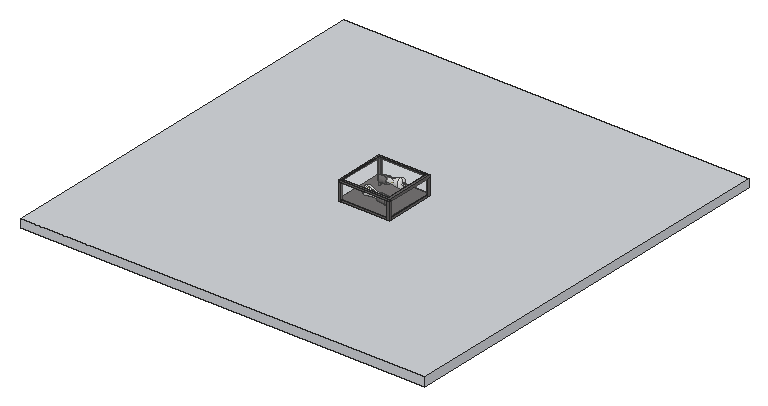
Revit family "P350200-031", category Lighting Fixtures, host Face, Revit 2021
Family settings
  Host = Face
  Round Connector Dimension = Use Diameter
  Part Type = Normal
  OmniClass Number = 23.80.70.11.14.17
  OmniClass Title = Direct/Indirect
  Cut with Voids When Loaded = No
  Light Source = No
  Shared = Yes
  Room Calculation Point = No
Parameters (values of type "P350200-031")
  Widh = 11.995"
  Watts = 60 W
  Wattage Comments = "60W"
  Warranty = "1 year Warranty"  # constant formula
  Voltage = 120 V
  URL = "https://www.hubbell.com/progresslighting/en"
  Product Link = "https://www.hubbell.com/progresslighting/en/Products/Lighting-Controls/Residential-Indoor-Lighting/Ceiling-Mount/Flush/Perimeter-Collection-Two-Light-Matte-Black-Modern-Style-Flush-Mount-Ceiling-Light/p/6643600"
  Product Documentation Link = "https://hubbellcdn.com/specsheet/PROG_P350200-031_spec.pdf"
  Power Factor = 1
  Model = "P350200-031"  # constant formula
  Manufacturer = "Progress Lighting"  # constant formula
  Load Classification = Lighting
  Gold = Hubbell - Gold
  Glass = Paint - Hubbell - White Texture
  Lamp = "LED/CFL/incandescent"  # constant formula
  Housing Material = Paint - Hubbell - Textured Camera Black
  Fixture distribution = "Direct"  # constant formula
  Features = "Application: Inspired by geometric simplicity, the Perimeter Collection 2-Light Matte Black Modern Flush Mount Ceiling Light is ideal for any hallway, porch, stairwell, entryway, kitchen, or sitting room.\r\nStyles: Perfect for contemporary, modern, and traditional style settings.\r\nFinish: The square frame composed of clean, straight lines is coated in a classic matte black finish.\r\nMaterials: Constructed from steel to ensure a long product lifespan.\r\nGlass/Shade: Light sources peek from inside the crisp open-frame design that accentuates the light fixture's modern aesthetic.\r\nBulbs: For ideal illumination, use 2 medium base bulbs that are sold separately (60w max - LED/CFL/incandescent). Compatible with dimmable bulbs.\r\nDimensions: Measures 12-inch width by 4-1/2-inch height.\r\nCertifications: cCSAus damp location listed.\r\nPairs With: Pairs with the Glayse, Rae, and Elevate collections from Progress Lighting.\r\nWarranty: Our 1-Year Limited Warranty guarantees your complete satisfaction with your purchase and includes professional after-sales customer service support."  # constant formula
  Description = "Perimeter Collection Two-Light Matte Black Modern Style Flush Mount Ceiling Light"  # constant formula
  Default Elevation = 48.00"
  Copyright = " ©2021 Progress Lighting, a division of Hubbell Lighting, Inc"  # constant formula
  Contact = "https://www.hubbell.com/progresslighting/en/contactUs"
  Connector Description = "Lighting Connector"  # constant formula
  Clear Glass = Hubbell Glass
  Assembly Code = "D5020200"
  Apparent Load = Watts / Power Factor  # 60 VA
Reference planes (in)
  plane 1 "Center (Front/Back)": y = 0
  plane 2: z = 0
  plane 3 "Center (Left/Right)": x = 0
  plane 4: x = 5.9975
  plane 5: x = -5.9975
  plane 6: z = 6.87
  plane 7: y = 6
  plane 8: y = -6
Forms (in)
  Extrusion 1, solid
    sketch origin (0, 0, 0) x (1, 0, 0) y (0, 1, 0)
      loop
        line (-48, 48) -> (-48, -48) -> (48, -48) -> (48, 48) -> (-48, 48)
    from 0 to -2
  Revolve 2, solid, material "Paint - Hubbell - Textured Camera Black" <- "Housing Material"
    sketch origin (8.67208, -2.95459, 1.2402) x (-0.121869, 0, -0.992546) y (0.992546, 0, -0.121869)
      loop
        line (0, -5.56085) -> (0, -7.43773) -> (0.75333, -7.43773) -> (0.75333, -5.56085) -> (0, -5.56085)
      axis (0, -7.43773) -> (0, -5.56085)
    angle from 0 to 360
  Revolve 3, solid, material "Paint - Hubbell - White Texture"
    sketch origin (8.67208, -2.95459, 1.2402) x (-0.121869, 0, -0.992546) y (0.992546, 0, -0.121869)
      loop
        line (0, -7.43773) -> (0, -11.02155)
        arc (0, -11.02155) -> (0.18273, -10.99366) -> (0.34766, -10.91018) r 0.5855
        spline (0.34766, -10.91018) -> (0.53446, -10.87489) -> (0.67434, -10.8488) -> (0.77721, -10.82791) -> (0.85298, -10.8082) -> (0.91153, -10.78565) -> (0.96093, -10.75695) -> (1.0034, -10.72098) -> (1.03996, -10.67706) -> (1.07161, -10.62447) -> (1.09635, -10.56016) -> (1.10709, -10.47705) -> (1.09627, -10.36772)
        line (1.09627, -10.36772) -> (0.52673, -7.43773) -> (0, -7.43773)
      axis (0, -11.02155) -> (0, -7.43773)
    angle from 0 to 360
  Revolve 4, solid, material "Paint - Hubbell - White Texture" <- "Glass"
    sketch origin (8.67208, -2.95459, 1.2402) x (-0.121869, 0, -0.992546) y (0.992546, 0, -0.121869)
      loop
        line (0, -7.43773) -> (-0.14062, -7.43773) -> (-0.14062, -7.68773) -> (-0.3174, -7.86451) -> (-0.3174, -8.11451) -> (-0.0674, -8.11451) -> (-0.0674, -10.36451) -> (-0.0674, -10.55091)
        arc (-0.0674, -10.55091) -> (-0.07712, -10.57767) -> (-0.10174, -10.59197) r 0.04171
        arc (-0.10174, -10.59197) -> (-0.13207, -10.62395) -> (-0.11058, -10.66244) r 0.0372
        line (-0.11058, -10.66244) -> (0, -10.66244) -> (0, -10.56087) -> (0, -7.43773)
      axis (0, -7.43773) -> (0, -10.66244)
    angle from 0 to 360
  Revolve 5, solid, material "Hubbell - Gold" <- "Gold"
    sketch origin (8.67208, -2.95459, 1.2402) x (-0.121869, 0, -0.992546) y (0.992546, 0, -0.121869)
      loop
        line (-0.47346, -8.28115) -> (-0.51834, -8.28115) -> (-0.66547, -10.3852) -> (-0.62059, -10.3852) -> (-0.47346, -8.28115)
      axis (-0.62081, -10.38832) -> (-0.47346, -8.28115)
    angle from 0 to 360
  Revolve 6, solid, material "Hubbell - Gold" <- "Gold"
    sketch origin (8.67208, -2.95459, 1.2402) x (0.121869, 0, 0.992546) y (-0.992546, 0, 0.121869)
      loop
        line (-0.47346, 8.28115) -> (-0.62235, 10.41041) -> (-0.66723, 10.41041) -> (-0.51834, 8.28115) -> (-0.47346, 8.28115)
      axis (-0.62257, 10.41353) -> (-0.47346, 8.28115)
    angle from 0 to 360
  Sweep 7, solid, material "Paint - Hubbell - White Texture" <- "Glass"
    path origin (9.16633, -2.95459, 1.16282) x (-0.121869, 0, -0.992546) y (0.992546, 0, -0.121869)
      loop
        line (0.61067, -10.88516) -> (0.61067, -10.98257)
        arc (0.61067, -10.98257) -> (0.57513, -11.06837) -> (0.48933, -11.10391) r 0.12134
        line (0.48933, -11.10391) -> (0.04812, -11.10391)
    profile origin (-1.76046, -2.95459, 1.8892) x (-0.121869, 0, -0.992546) y (0, -1, 0)
      loop
        circle (0, 0.00095) r 0.031
  Sweep 8, solid, material "Paint - Hubbell - White Texture" <- "Glass"
    path origin (9.17037, -2.95459, 1.19571) x (0.121869, 0, 0.992546) y (-0.992546, 0, 0.121869)
      loop
        line (0.61067, 10.88516) -> (0.61067, 10.98257)
        arc (0.61067, 10.98257) -> (0.57513, 11.06837) -> (0.48933, 11.10391) r 0.12134
        line (0.48933, 11.10391) -> (0.04812, 11.10391)
    profile origin (-1.60758, -2.95459, 3.13434) x (-0.121869, 0, -0.992546) y (0, -1, 0)
      loop
        circle (0, 0.00095) r 0.031
  Sweep 9, solid, material "Paint - Hubbell - White Texture" <- "Glass"
    path origin (9.16823, -2.97211, 1.17832) x (0, -1, 0) y (0.992546, 0, -0.121869)
      loop
        line (0.61067, -10.88516) -> (0.61067, -10.98257)
        arc (0.61067, -10.98257) -> (0.57513, -11.06837) -> (0.48933, -11.10391) r 0.12134
        line (0.48933, -11.10391) -> (0.04812, -11.10391)
    profile origin (-1.68413, -3.58278, 2.51083) x (0, -1, 0) y (0.121869, 0, 0.992546)
      loop
        circle (0, 0.00095) r 0.031
  Sweep 10, solid, material "Paint - Hubbell - White Texture" <- "Glass"
    path origin (9.16823, -2.93897, 1.17832) x (0, 1, 0) y (-0.992546, 0, 0.121869)
      loop
        line (0.61067, 10.88516) -> (0.61067, 10.98257)
        arc (0.61067, 10.98257) -> (0.57513, 11.06837) -> (0.48933, 11.10391) r 0.12134
        line (0.48933, 11.10391) -> (0.04812, 11.10391)
    profile origin (-1.68413, -2.3283, 2.51083) x (0, -1, 0) y (0.121869, 0, 0.992546)
      loop
        circle (0, 0.00095) r 0.031
  Sweep 11, solid, material "Paint - Hubbell - White Texture" <- "Glass"
    path origin (-10.42083, -2.95459, 3.56782) x (-0.121869, 0, -0.992546) y (0.992546, 0, -0.121869)
      loop
        line (0.45442, 10.88516) -> (0.45442, 10.98257)
        arc (0.45442, 10.98257) -> (0.41888, 11.06837) -> (0.33308, 11.10391) r 0.12134
        line (0.33308, 11.10391) -> (0.04812, 11.10391)
    profile origin (0.37616, -2.95459, 1.78428) x (0.121869, 0, 0.992546) y (0, -1, 0)
      loop
        circle (0, 0.00095) r 0.031
  Sweep 12, solid, material "Paint - Hubbell - White Texture" <- "Glass"
    path origin (-10.41679, -2.95459, 3.60071) x (0.121869, 0, 0.992546) y (-0.992546, 0, 0.121869)
      loop
        line (0.45442, -10.88516) -> (0.45442, -10.98257)
        arc (0.45442, -10.98257) -> (0.41888, -11.06837) -> (0.33308, -11.10391) r 0.12134
        line (0.33308, -11.10391) -> (0.04812, -11.10391)
    profile origin (0.49096, -2.95459, 2.71924) x (0.121869, 0, 0.992546) y (0, -1, 0)
      loop
        circle (0, 0.00095) r 0.031
  Sweep 13, solid, material "Paint - Hubbell - White Texture" <- "Glass"
    path origin (-10.41892, -2.97211, 3.58332) x (0, -1, 0) y (0.992546, 0, -0.121869)
      loop
        line (0.45442, 10.88516) -> (0.45442, 10.98257)
        arc (0.45442, 10.98257) -> (0.41888, 11.06837) -> (0.33308, 11.10391) r 0.12134
        line (0.33308, 11.10391) -> (0.04812, 11.10391)
    profile origin (0.43344, -3.42653, 2.25082) x (0, 1, 0) y (0.121869, 0, 0.992546)
      loop
        circle (0, 0.00095) r 0.031
  Sweep 14, solid, material "Paint - Hubbell - White Texture" <- "Glass"
    path origin (-10.41892, -2.93897, 3.58332) x (0, 1, 0) y (-0.992546, 0, 0.121869)
      loop
        line (0.45442, -10.88516) -> (0.45442, -10.98257)
        arc (0.45442, -10.98257) -> (0.41888, -11.06837) -> (0.33308, -11.10391) r 0.12134
        line (0.33308, -11.10391) -> (0.04812, -11.10391)
    profile origin (0.43344, -2.48455, 2.25082) x (0, 1, 0) y (0.121869, 0, 0.992546)
      loop
        circle (0, 0.00095) r 0.031
  Revolve 15, solid, material "Hubbell - Gold" <- "Gold"
    sketch origin (8.67183, -2.95262, 1.23824) x (0, -1, 0) y (0.992546, 0, -0.121869)
      loop
        line (-0.47346, -8.28115) -> (-0.51834, -8.28115) -> (-0.66489, -10.37691) -> (-0.62001, -10.37691) -> (-0.47346, -8.28115)
      axis (-0.62023, -10.38004) -> (-0.47346, -8.28115)
    angle from 0 to 360
  Revolve 16, solid, material "Hubbell - Gold" <- "Gold"
    sketch origin (8.67183, -2.95262, 1.23824) x (0, 1, 0) y (-0.992546, 0, 0.121869)
      loop
        line (-0.47346, 8.28115) -> (-0.62235, 10.41041) -> (-0.66723, 10.41041) -> (-0.51834, 8.28115) -> (-0.47346, 8.28115)
      axis (-0.62257, 10.41353) -> (-0.47346, 8.28115)
    angle from 0 to 360
  Extrusion 17, solid, material "Paint - Hubbell - Textured Camera Black" <- "Housing Material"
    sketch origin (0, 0, 0) x (1, 0, 0) y (0, 1, 0)
      loop
        line (-5.9975, -6) -> (5.9975, -6) -> (5.9975, 6) -> (-5.9975, 6) -> (-5.9975, -6)
    from 0 to 0.5
  Revolve 18, solid, material "Paint - Hubbell - Textured Camera Black" <- "Housing Material"
    sketch origin (1.3125, -2.95459, 0) x (1, 0, 0) y (0, 0, 1)
      loop
        line (2.10768, 0.5) -> (2.2634, 0.5) -> (2.2634, 1.51322)
        arc (2.2634, 1.51322) -> (2.41401, 1.80947) -> (2.10768, 1.93834) r 0.22696
        line (2.10768, 1.93834) -> (2.10768, 0.5)
      axis (2.10715, 1.93834) -> (2.10715, 0.5)
    angle from 0 to 360
  Extrusion 19, solid, material "Paint - Hubbell - Textured Camera Black" <- "Housing Material"
    sketch origin (0, 0, 0) x (1, 0, 0) y (0, 1, 0)
      loop
        line (-5.9975, 6) -> (-5.9975, 5.43609) -> (-5.93079, 5.43609) -> (-5.93079, 5.48306) -> (-5.93079, 5.93609) -> (-5.43079, 5.93609) -> (-5.43079, 6) -> (-5.9975, 6)
      loop
        line (5.9975, 6) -> (5.43079, 6) -> (5.43079, 5.93609) -> (5.93079, 5.93609) -> (5.93079, 5.48306) -> (5.93079, 5.43609) -> (5.9975, 5.43609) -> (5.9975, 6)
      loop
        line (-5.9975, -6) -> (-5.43079, -6) -> (-5.43079, -5.93609) -> (-5.93079, -5.93609) -> (-5.93079, -5.48306) -> (-5.93079, -5.43609) -> (-5.9975, -5.43609) -> (-5.9975, -6)
      loop
        line (5.9975, -6) -> (5.9975, -5.43609) -> (5.93079, -5.43609) -> (5.93079, -5.48306) -> (5.93079, -5.93609) -> (5.43079, -5.93609) -> (5.43079, -6) -> (5.9975, -6)
    from 0 to 4
  Sweep 20, solid, material "Paint - Hubbell - Textured Camera Black" <- "Housing Material"
    path origin (0, 0, 0) x (1, 0, 0) y (0, 1, 0)
      loop
        line (-5.9975, 6) -> (-5.9975, -6) -> (5.9975, -6) -> (5.9975, 6) -> (-5.9975, 6)
    profile origin (0, 6, 0) x (0, 1, 0) y (0, 0, 1)
      loop
        line (0, 4.5) -> (-0.56391, 4.5) -> (-0.56391, 4.45125) -> (-0.06391, 4.45125) -> (-0.06391, 4) -> (0, 4) -> (0, 4.5)
  Revolve 21, solid, material "Paint - Hubbell - Textured Camera Black" <- "Housing Material"
    sketch origin (-8.67208, 2.95459, 1.2402) x (0.121869, 0, -0.992546) y (-0.992546, 0, -0.121869)
      loop
        line (0, -5.56085) -> (0, -7.43773) -> (0.75333, -7.43773) -> (0.75333, -5.56085) -> (0, -5.56085)
      axis (0, -7.43773) -> (0, -5.56085)
    angle from 0 to 360
  Revolve 22, solid, material "Paint - Hubbell - White Texture"
    sketch origin (-8.67208, 2.95459, 1.2402) x (0.121869, 0, -0.992546) y (-0.992546, 0, -0.121869)
      loop
        line (0, -7.43773) -> (0, -11.02155)
        arc (0, -11.02155) -> (0.18273, -10.99366) -> (0.34766, -10.91018) r 0.5855
        spline (0.34766, -10.91018) -> (0.53446, -10.87489) -> (0.67434, -10.8488) -> (0.77721, -10.82791) -> (0.85298, -10.8082) -> (0.91153, -10.78565) -> (0.96093, -10.75695) -> (1.0034, -10.72098) -> (1.03996, -10.67706) -> (1.07161, -10.62447) -> (1.09635, -10.56016) -> (1.10709, -10.47705) -> (1.09627, -10.36772)
        line (1.09627, -10.36772) -> (0.52673, -7.43773) -> (0, -7.43773)
      axis (0, -11.02155) -> (0, -7.43773)
    angle from 0 to 360
  Revolve 23, solid, material "Paint - Hubbell - White Texture" <- "Glass"
    sketch origin (-8.67208, 2.95459, 1.2402) x (0.121869, 0, -0.992546) y (-0.992546, 0, -0.121869)
      loop
        line (0, -7.43773) -> (-0.14062, -7.43773) -> (-0.14062, -7.68773) -> (-0.3174, -7.86451) -> (-0.3174, -8.11451) -> (-0.0674, -8.11451) -> (-0.0674, -10.36451) -> (-0.0674, -10.55091)
        arc (-0.0674, -10.55091) -> (-0.07712, -10.57767) -> (-0.10174, -10.59197) r 0.04171
        arc (-0.10174, -10.59197) -> (-0.13207, -10.62395) -> (-0.11058, -10.66244) r 0.0372
        line (-0.11058, -10.66244) -> (0, -10.66244) -> (0, -10.56087) -> (0, -7.43773)
      axis (0, -7.43773) -> (0, -10.66244)
    angle from 0 to 360
  Revolve 24, solid, material "Hubbell - Gold" <- "Gold"
    sketch origin (-8.67208, 2.95459, 1.2402) x (0.121869, 0, -0.992546) y (-0.992546, 0, -0.121869)
      loop
        line (-0.47346, -8.28115) -> (-0.51834, -8.28115) -> (-0.66547, -10.3852) -> (-0.62059, -10.3852) -> (-0.47346, -8.28115)
      axis (-0.62081, -10.38832) -> (-0.47346, -8.28115)
    angle from 0 to 360
  Revolve 25, solid, material "Hubbell - Gold" <- "Gold"
    sketch origin (-8.67208, 2.95459, 1.2402) x (-0.121869, 0, 0.992546) y (0.992546, 0, 0.121869)
      loop
        line (-0.47346, 8.28115) -> (-0.62235, 10.41041) -> (-0.66723, 10.41041) -> (-0.51834, 8.28115) -> (-0.47346, 8.28115)
      axis (-0.62257, 10.41353) -> (-0.47346, 8.28115)
    angle from 0 to 360
  Sweep 26, solid, material "Paint - Hubbell - White Texture" <- "Glass"
    path origin (-9.16633, 2.95459, 1.16282) x (0.121869, 0, -0.992546) y (-0.992546, 0, -0.121869)
      loop
        line (0.61067, -10.88516) -> (0.61067, -10.98257)
        arc (0.61067, -10.98257) -> (0.57513, -11.06837) -> (0.48933, -11.10391) r 0.12134
        line (0.48933, -11.10391) -> (0.04812, -11.10391)
    profile origin (1.76046, 2.95459, 1.8892) x (0.121869, 0, -0.992546) y (0, 1, 0)
      loop
        circle (0, 0.00095) r 0.031
  Sweep 27, solid, material "Paint - Hubbell - White Texture" <- "Glass"
    path origin (-9.17037, 2.95459, 1.19571) x (-0.121869, 0, 0.992546) y (0.992546, 0, 0.121869)
      loop
        line (0.61067, 10.88516) -> (0.61067, 10.98257)
        arc (0.61067, 10.98257) -> (0.57513, 11.06837) -> (0.48933, 11.10391) r 0.12134
        line (0.48933, 11.10391) -> (0.04812, 11.10391)
    profile origin (1.60758, 2.95459, 3.13434) x (0.121869, 0, -0.992546) y (0, 1, 0)
      loop
        circle (0, 0.00095) r 0.031
  Sweep 28, solid, material "Paint - Hubbell - White Texture" <- "Glass"
    path origin (-9.16823, 2.97211, 1.17832) x (0, 1, 0) y (-0.992546, 0, -0.121869)
      loop
        line (0.61067, -10.88516) -> (0.61067, -10.98257)
        arc (0.61067, -10.98257) -> (0.57513, -11.06837) -> (0.48933, -11.10391) r 0.12134
        line (0.48933, -11.10391) -> (0.04812, -11.10391)
    profile origin (1.68413, 3.58278, 2.51083) x (0, 1, 0) y (-0.121869, 0, 0.992546)
      loop
        circle (0, 0.00095) r 0.031
  Sweep 29, solid, material "Paint - Hubbell - White Texture" <- "Glass"
    path origin (-9.16823, 2.93897, 1.17832) x (0, -1, 0) y (0.992546, 0, 0.121869)
      loop
        line (0.61067, 10.88516) -> (0.61067, 10.98257)
        arc (0.61067, 10.98257) -> (0.57513, 11.06837) -> (0.48933, 11.10391) r 0.12134
        line (0.48933, 11.10391) -> (0.04812, 11.10391)
    profile origin (1.68413, 2.3283, 2.51083) x (0, 1, 0) y (-0.121869, 0, 0.992546)
      loop
        circle (0, 0.00095) r 0.031
  Sweep 30, solid, material "Paint - Hubbell - White Texture" <- "Glass"
    path origin (10.42083, 2.95459, 3.56782) x (0.121869, 0, -0.992546) y (-0.992546, 0, -0.121869)
      loop
        line (0.45442, 10.88516) -> (0.45442, 10.98257)
        arc (0.45442, 10.98257) -> (0.41888, 11.06837) -> (0.33308, 11.10391) r 0.12134
        line (0.33308, 11.10391) -> (0.04812, 11.10391)
    profile origin (-0.37616, 2.95459, 1.78428) x (-0.121869, 0, 0.992546) y (0, 1, 0)
      loop
        circle (0, 0.00095) r 0.031
  Sweep 31, solid, material "Paint - Hubbell - White Texture" <- "Glass"
    path origin (10.41679, 2.95459, 3.60071) x (-0.121869, 0, 0.992546) y (0.992546, 0, 0.121869)
      loop
        line (0.45442, -10.88516) -> (0.45442, -10.98257)
        arc (0.45442, -10.98257) -> (0.41888, -11.06837) -> (0.33308, -11.10391) r 0.12134
        line (0.33308, -11.10391) -> (0.04812, -11.10391)
    profile origin (-0.49096, 2.95459, 2.71924) x (-0.121869, 0, 0.992546) y (0, 1, 0)
      loop
        circle (0, 0.00095) r 0.031
  Sweep 32, solid, material "Paint - Hubbell - White Texture" <- "Glass"
    path origin (10.41892, 2.97211, 3.58332) x (0, 1, 0) y (-0.992546, 0, -0.121869)
      loop
        line (0.45442, 10.88516) -> (0.45442, 10.98257)
        arc (0.45442, 10.98257) -> (0.41888, 11.06837) -> (0.33308, 11.10391) r 0.12134
        line (0.33308, 11.10391) -> (0.04812, 11.10391)
    profile origin (-0.43344, 3.42653, 2.25082) x (0, -1, 0) y (-0.121869, 0, 0.992546)
      loop
        circle (0, 0.00095) r 0.031
  Sweep 33, solid, material "Paint - Hubbell - White Texture" <- "Glass"
    path origin (10.41892, 2.93897, 3.58332) x (0, -1, 0) y (0.992546, 0, 0.121869)
      loop
        line (0.45442, -10.88516) -> (0.45442, -10.98257)
        arc (0.45442, -10.98257) -> (0.41888, -11.06837) -> (0.33308, -11.10391) r 0.12134
        line (0.33308, -11.10391) -> (0.04812, -11.10391)
    profile origin (-0.43344, 2.48455, 2.25082) x (0, -1, 0) y (-0.121869, 0, 0.992546)
      loop
        circle (0, 0.00095) r 0.031
  Revolve 34, solid, material "Hubbell - Gold" <- "Gold"
    sketch origin (-8.67183, 2.95262, 1.23824) x (0, 1, 0) y (-0.992546, 0, -0.121869)
      loop
        line (-0.47346, -8.28115) -> (-0.51834, -8.28115) -> (-0.66489, -10.37691) -> (-0.62001, -10.37691) -> (-0.47346, -8.28115)
      axis (-0.62023, -10.38004) -> (-0.47346, -8.28115)
    angle from 0 to 360
  Revolve 35, solid, material "Hubbell - Gold" <- "Gold"
    sketch origin (-8.67183, 2.95262, 1.23824) x (0, -1, 0) y (0.992546, 0, 0.121869)
      loop
        line (-0.47346, 8.28115) -> (-0.62235, 10.41041) -> (-0.66723, 10.41041) -> (-0.51834, 8.28115) -> (-0.47346, 8.28115)
      axis (-0.62257, 10.41353) -> (-0.47346, 8.28115)
    angle from 0 to 360
  Revolve 36, solid, material "Paint - Hubbell - Textured Camera Black" <- "Housing Material"
    sketch origin (-1.3125, 2.95459, 0) x (-1, 0, 0) y (0, 0, 1)
      loop
        line (2.10768, 0.5) -> (2.2634, 0.5) -> (2.2634, 1.51322)
        arc (2.2634, 1.51322) -> (2.41401, 1.80947) -> (2.10768, 1.93834) r 0.22696
        line (2.10768, 1.93834) -> (2.10768, 0.5)
      axis (2.10715, 1.93834) -> (2.10715, 0.5)
    angle from 0 to 360
  Extrusion 37, solid, material "Hubbell Glass" <- "Clear Glass"
    sketch origin (0, 0, 0) x (1, 0, 0) y (0, 1, 0)
      loop
        line (-5.43359, -5.43609) -> (5.43359, -5.43609) -> (5.43359, 5.43609) -> (-5.43359, 5.43609) -> (-5.43359, -5.43609)
    from 4.45125 to 4.5
  Extrusion 38, solid, material "Hubbell Glass" <- "Clear Glass"
    sketch origin (0, 0, 0) x (0, 1, 0) y (0, 0, 1)
      loop
        line (-5.43609, 0.5) -> (5.43609, 0.5) -> (5.43609, 4) -> (-5.43609, 4) -> (-5.43609, 0.5)
    from 5.93079 to 5.9975
  Extrusion 39, solid, material "Hubbell Glass" <- "Clear Glass"
    sketch origin (0, 0, 0) x (0, 1, 0) y (0, 0, -1)
      loop
        line (-5.43609, -0.5) -> (-5.43609, -4) -> (5.43609, -4) -> (5.43609, -0.5) -> (-5.43609, -0.5)
    from 5.93079 to 5.9975
  Extrusion 40, solid, material "Hubbell Glass" <- "Clear Glass"
    sketch origin (0, 0, 0) x (1, 0, 0) y (0, 0, -1)
      loop
        line (-5.43609, -0.5) -> (-5.43609, -4) -> (5.43609, -4) -> (5.43609, -0.5) -> (-5.43609, -0.5)
    from 5.93079 to 5.9975
  Extrusion 41, solid, material "Hubbell Glass" <- "Clear Glass"
    sketch origin (0, 0, 0) x (1, 0, 0) y (0, 0, 1)
      loop
        line (-5.43609, 0.5) -> (5.43609, 0.5) -> (5.43609, 4) -> (-5.43609, 4) -> (-5.43609, 0.5)
    from 5.93079 to 5.9975
Dimensions and locks (in)
  plane 4 to plane 5 = 11.995"  (x2)
  equal spacing: plane 4, plane 3 "Center (Left/Right)", plane 5
  "Widh": plane 5 to plane 4
  equal spacing: plane 5, plane 3 "Center (Left/Right)", plane 4
  plane 6 to plane 2 = 6.87"
  aligned and locked: plane 2 to Extrusion 1
Automatic sketch dimensions
  Extrusion 1 sketch curve to Extrusion 1 sketch curve = 96.00"  (x2)
  level to Revolve 2 sketch curve = 1.9179"
  Revolve 2 sketch curve to plane 4 = 2.84482"
  Revolve 2 sketch curve to Revolve 2 sketch curve = 0.75333"
  Revolve 2 sketch curve to Revolve 2 sketch curve = 1.87689"
  Revolve 2 sketch curve to Revolve 2 sketch curve = 0.00"
  Revolve 2 sketch curve to Revolve 2 sketch curve = 20.20644"
  Revolve 2 sketch curve to Revolve 2 sketch curve = 29.56085"
  level to Revolve 3 sketch curve = 2.14663"
  plane 3 "Center (Left/Right)" to Revolve 3 sketch curve = 1.28978"
  Revolve 3 sketch curve to Revolve 3 sketch curve = 0.00411"
  Revolve 3 sketch curve to Revolve 3 sketch curve = 0.34766"
  Revolve 3 sketch curve to Revolve 3 sketch curve = 0.52673"
  Revolve 3 sketch curve to Revolve 3 sketch curve = 0.74861"
  Revolve 3 sketch curve to Revolve 3 sketch curve = 2.92999"
  Revolve 3 sketch curve to Revolve 3 sketch curve = 0.06835"
  Revolve 3 sketch curve to Revolve 3 sketch curve = 0.47411"
  Revolve 3 sketch curve to Revolve 3 sketch curve = 0.00"
  Revolve 3 sketch curve to Revolve 3 sketch curve = 16.62262"
  Revolve 3 sketch curve to Revolve 3 sketch curve = 31.43773"
  plane 3 "Center (Left/Right)" to Revolve 4 sketch curve = 0.65673"
  level to Revolve 4 sketch curve = 2.54415"
  Revolve 4 sketch curve to Revolve 4 sketch curve = 0.17678"  (x2)
  Revolve 4 sketch curve to Revolve 4 sketch curve = 0.20683"
  Revolve 4 sketch curve to Revolve 4 sketch curve = 0.00146"
  Revolve 4 sketch curve to Revolve 4 sketch curve = 0.01542"
  Revolve 4 sketch curve to Revolve 4 sketch curve = 0.25"  (x3)
  Revolve 4 sketch curve to Revolve 4 sketch curve = 0.09516"
  Revolve 4 sketch curve to Revolve 4 sketch curve = 2.25"
  Revolve 4 sketch curve to Revolve 4 sketch curve = 0.1864"
  Revolve 4 sketch curve to Revolve 4 sketch curve = 0.00996"
  Revolve 4 sketch curve to Revolve 4 sketch curve = 0.07767"
  Revolve 4 sketch curve to Revolve 4 sketch curve = 0.03385"
  Revolve 4 sketch curve to Revolve 4 sketch curve = 0.00"  (x2)
  Revolve 4 sketch curve to Revolve 4 sketch curve = 5.5253"
  Revolve 5 sketch curve to plane 3 "Center (Left/Right)" = 1.55461"
  level to Revolve 5 sketch curve = 3.16635"
  Revolve 5 sketch curve to Revolve 5 sketch curve = 0.04488"  (x2)
  Revolve 5 sketch curve to Revolve 5 sketch curve = 0.10225"
  Revolve 5 sketch curve to Revolve 5 sketch curve = 2.10405"
  Revolve 5 sketch curve to Revolve 5 sketch curve = 0.01036"
  Revolve 5 sketch curve to Revolve 5 sketch curve = 0.00483"
  Revolve 5 sketch curve to Revolve 5 sketch curve = 0.49372"
  Revolve 5 sketch curve to Revolve 5 sketch curve = 0.06901"
  Revolve 6 sketch curve to plane 3 "Center (Left/Right)" = 1.74205"
  level to Revolve 6 sketch curve = 1.84665"
  Revolve 6 sketch curve to Revolve 6 sketch curve = 0.04488"  (x2)
  Revolve 6 sketch curve to Revolve 6 sketch curve = 0.10401"
  Revolve 6 sketch curve to Revolve 6 sketch curve = 2.12926"
  Revolve 6 sketch curve to Revolve 6 sketch curve = 0.01212"
  Revolve 6 sketch curve to Revolve 6 sketch curve = 0.00483"
  Revolve 6 sketch curve to Revolve 6 sketch curve = 0.06901"
  Revolve 6 sketch curve to Revolve 6 sketch curve = 0.46851"
  Sweep 7 sketch curve to plane 3 "Center (Left/Right)" = 1.91445"
  level to Sweep 7 sketch curve = 2.03036"
  Sweep 7 sketch curve to Sweep 7 sketch curve = 0.12134"
  Sweep 7 sketch curve to Sweep 7 sketch curve = 0.4412"
  Sweep 7 sketch curve to Sweep 7 sketch curve = 0.09741"
  Sweep 7 sketch curve to profile plane = 0.00"
  profile plane to Sweep 7 sketch curve = 0.00095"
  Sweep 8 sketch curve to plane 3 "Center (Left/Right)" = 1.79115"
  level to Sweep 8 sketch curve = 3.03462"
  Sweep 8 sketch curve to Sweep 8 sketch curve = 0.12134"
  Sweep 8 sketch curve to Sweep 8 sketch curve = 0.4412"
  Sweep 8 sketch curve to Sweep 8 sketch curve = 0.09741"
  Sweep 8 sketch curve to profile plane = 0.00"
  profile plane to Sweep 8 sketch curve = 0.00095"
  Sweep 9 sketch curve to plane 8 = 2.53856"
  Sweep 9 sketch curve to Sweep 9 sketch curve = 0.12134"
  Sweep 9 sketch curve to Sweep 9 sketch curve = 0.4412"
  Sweep 9 sketch curve to Sweep 9 sketch curve = 0.09741"
  Sweep 9 sketch curve to profile plane = 0.00"
  profile plane to Sweep 9 sketch curve = 0.00095"
  plane 1 "Center (Front/Back)" to Sweep 10 sketch curve = 2.44964"
  Sweep 10 sketch curve to Sweep 10 sketch curve = 0.12134"
  Sweep 10 sketch curve to Sweep 10 sketch curve = 0.4412"
  Sweep 10 sketch curve to Sweep 10 sketch curve = 0.09741"
  Sweep 10 sketch curve to profile plane = 0.00"
  profile plane to Sweep 10 sketch curve = 0.00095"
  plane 3 "Center (Left/Right)" to Sweep 11 sketch curve = 0.55973"
  level to Sweep 11 sketch curve = 1.884"
  Sweep 11 sketch curve to Sweep 11 sketch curve = 0.12134"
  Sweep 11 sketch curve to Sweep 11 sketch curve = 0.28495"
  Sweep 11 sketch curve to Sweep 11 sketch curve = 0.09741"
  Sweep 11 sketch curve to profile plane = 0.00"
  profile plane to Sweep 11 sketch curve = 0.00095"
  plane 3 "Center (Left/Right)" to Sweep 12 sketch curve = 0.64495"
  level to Sweep 12 sketch curve = 2.57808"
  Sweep 12 sketch curve to Sweep 12 sketch curve = 0.12134"
  Sweep 12 sketch curve to Sweep 12 sketch curve = 0.28495"
  Sweep 12 sketch curve to Sweep 12 sketch curve = 0.09741"
  Sweep 12 sketch curve to profile plane = 0.00"
  profile plane to Sweep 12 sketch curve = 0.00095"
  Sweep 13 sketch curve to plane 8 = 2.69481"
  Sweep 13 sketch curve to Sweep 13 sketch curve = 0.12134"
  Sweep 13 sketch curve to Sweep 13 sketch curve = 0.28495"
  Sweep 13 sketch curve to Sweep 13 sketch curve = 0.09741"
  Sweep 13 sketch curve to profile plane = 0.00"
  profile plane to Sweep 13 sketch curve = 0.00095"
  plane 1 "Center (Front/Back)" to Sweep 14 sketch curve = 2.60589"
  Sweep 14 sketch curve to Sweep 14 sketch curve = 0.12134"
  Sweep 14 sketch curve to Sweep 14 sketch curve = 0.28495"
  Sweep 14 sketch curve to Sweep 14 sketch curve = 0.09741"
  Sweep 14 sketch curve to profile plane = 0.00"
  profile plane to Sweep 14 sketch curve = 0.00095"
  plane 1 "Center (Front/Back)" to Revolve 15 sketch curve = 2.28773"
  Revolve 15 sketch curve to Revolve 15 sketch curve = 0.04488"  (x2)
  Revolve 15 sketch curve to Revolve 15 sketch curve = 0.10167"
  Revolve 15 sketch curve to Revolve 15 sketch curve = 2.09576"
  Revolve 15 sketch curve to Revolve 15 sketch curve = 0.00978"
  Revolve 15 sketch curve to Revolve 15 sketch curve = 0.00483"
  Revolve 15 sketch curve to Revolve 15 sketch curve = 0.502"
  Revolve 15 sketch curve to Revolve 15 sketch curve = 0.06901"
  Revolve 16 sketch curve to plane 8 = 2.38015"
  Revolve 16 sketch curve to Revolve 16 sketch curve = 0.04488"  (x2)
  Revolve 16 sketch curve to Revolve 16 sketch curve = 0.10401"
  Revolve 16 sketch curve to Revolve 16 sketch curve = 2.12926"
  Revolve 16 sketch curve to Revolve 16 sketch curve = 0.01212"
  Revolve 16 sketch curve to Revolve 16 sketch curve = 0.00483"
  Revolve 16 sketch curve to Revolve 16 sketch curve = 0.06901"
  Revolve 16 sketch curve to Revolve 16 sketch curve = 0.46851"
  Extrusion 17 sketch curve to plane 5 = 0.00"
  Extrusion 17 sketch curve to plane 4 = 0.00"
  plane 8 to Extrusion 17 sketch curve = 0.00"
  plane 7 to Extrusion 17 sketch curve = 0.00"
  level to Revolve 18 sketch curve = 0.50"
  Revolve 18 sketch curve to plane 4 = 2.57732"
  Revolve 18 sketch curve to Revolve 18 sketch curve = 0.09322"
  Revolve 18 sketch curve to Revolve 18 sketch curve = 0.15572"
  Revolve 18 sketch curve to Revolve 18 sketch curve = 1.01322"
  Revolve 18 sketch curve to Revolve 18 sketch curve = 0.21819"
  Revolve 18 sketch curve to Revolve 18 sketch curve = 0.00053"
  Revolve 18 sketch curve to level = 0.61218"
  Revolve 18 sketch curve to Revolve 18 sketch curve = 1.44948"
  Extrusion 19 sketch curve to plane 5 = 0.00"  (x2)
  plane 7 to Extrusion 19 sketch curve = 0.00"  (x2)
  plane 8 to Extrusion 19 sketch curve = 0.00"  (x2)
  Extrusion 19 sketch curve to plane 4 = 0.00"  (x2)
  plane 5 to Extrusion 19 sketch curve = 0.06671"  (x2)
  Extrusion 19 sketch curve to Extrusion 19 sketch curve = 0.50"  (x3)
  Extrusion 19 sketch curve to plane 8 = 0.06391"  (x2)
  plane 7 to Extrusion 19 sketch curve = 0.06391"  (x2)
  Extrusion 19 sketch curve to plane 4 = 0.56671"  (x2)
  Extrusion 19 sketch curve to plane 4 = 0.06671"  (x2)
  Extrusion 19 sketch curve to Extrusion 19 sketch curve = 0.45303"  (x2)
  Extrusion 19 sketch curve to Extrusion 19 sketch curve = 0.04697"  (x4)
  plane 7 to Extrusion 19 sketch curve = 0.56391"
  Sweep 20 sketch curve to plane 5 = 0.00"
  Sweep 20 sketch curve to plane 4 = 0.00"
  plane 8 to Sweep 20 sketch curve = 0.00"
  plane 7 to Sweep 20 sketch curve = 0.00"
  Sweep 20 sketch curve to profile plane = 0.00"
  profile plane to Sweep 20 sketch curve = 0.06391"
  Sweep 20 sketch curve to Sweep 20 sketch curve = 0.50"
  level to Sweep 20 sketch curve = 4.00"
  Sweep 20 sketch curve to Sweep 20 sketch curve = 0.45125"
  Sweep 20 sketch curve to Sweep 20 sketch curve = 0.04875"
  level to Revolve 21 sketch curve = 1.9179"
  plane 5 to Revolve 21 sketch curve = 2.84482"
  Revolve 21 sketch curve to Revolve 21 sketch curve = 0.75333"
  Revolve 21 sketch curve to Revolve 21 sketch curve = 1.87689"
  Revolve 21 sketch curve to Revolve 21 sketch curve = 0.00"
  Revolve 21 sketch curve to Revolve 21 sketch curve = 20.20644"
  Revolve 21 sketch curve to Revolve 21 sketch curve = 29.56085"
  level to Revolve 22 sketch curve = 2.14663"
  Revolve 22 sketch curve to plane 3 "Center (Left/Right)" = 1.28978"
  Revolve 22 sketch curve to Revolve 22 sketch curve = 0.00411"
  Revolve 22 sketch curve to Revolve 22 sketch curve = 0.34766"
  Revolve 22 sketch curve to Revolve 22 sketch curve = 0.52673"
  Revolve 22 sketch curve to Revolve 22 sketch curve = 0.74861"
  Revolve 22 sketch curve to Revolve 22 sketch curve = 2.92999"
  Revolve 22 sketch curve to Revolve 22 sketch curve = 0.06835"
  Revolve 22 sketch curve to Revolve 22 sketch curve = 0.47411"
  Revolve 22 sketch curve to Revolve 22 sketch curve = 0.00"
  Revolve 22 sketch curve to Revolve 22 sketch curve = 16.62262"
  Revolve 22 sketch curve to Revolve 22 sketch curve = 31.43773"
  Revolve 23 sketch curve to plane 3 "Center (Left/Right)" = 0.65673"
  level to Revolve 23 sketch curve = 2.54415"
  Revolve 23 sketch curve to Revolve 23 sketch curve = 0.17678"  (x2)
  Revolve 23 sketch curve to Revolve 23 sketch curve = 0.20683"
  Revolve 23 sketch curve to Revolve 23 sketch curve = 0.00146"
  Revolve 23 sketch curve to Revolve 23 sketch curve = 0.01542"
  Revolve 23 sketch curve to Revolve 23 sketch curve = 0.25"  (x3)
  Revolve 23 sketch curve to Revolve 23 sketch curve = 0.09516"
  Revolve 23 sketch curve to Revolve 23 sketch curve = 2.25"
  Revolve 23 sketch curve to Revolve 23 sketch curve = 0.1864"
  Revolve 23 sketch curve to Revolve 23 sketch curve = 0.00996"
  Revolve 23 sketch curve to Revolve 23 sketch curve = 0.07767"
  Revolve 23 sketch curve to Revolve 23 sketch curve = 0.03385"
  Revolve 23 sketch curve to Revolve 23 sketch curve = 0.00"  (x2)
  Revolve 23 sketch curve to Revolve 23 sketch curve = 5.5253"
  plane 3 "Center (Left/Right)" to Revolve 24 sketch curve = 1.55461"
  level to Revolve 24 sketch curve = 3.16635"
  Revolve 24 sketch curve to Revolve 24 sketch curve = 0.04488"  (x2)
  Revolve 24 sketch curve to Revolve 24 sketch curve = 0.10225"
  Revolve 24 sketch curve to Revolve 24 sketch curve = 2.10405"
  Revolve 24 sketch curve to Revolve 24 sketch curve = 0.01036"
  Revolve 24 sketch curve to Revolve 24 sketch curve = 0.00483"
  Revolve 24 sketch curve to Revolve 24 sketch curve = 0.49372"
  Revolve 24 sketch curve to Revolve 24 sketch curve = 0.06901"
  plane 3 "Center (Left/Right)" to Revolve 25 sketch curve = 1.74205"
  level to Revolve 25 sketch curve = 1.84665"
  Revolve 25 sketch curve to Revolve 25 sketch curve = 0.04488"  (x2)
  Revolve 25 sketch curve to Revolve 25 sketch curve = 0.10401"
  Revolve 25 sketch curve to Revolve 25 sketch curve = 2.12926"
  Revolve 25 sketch curve to Revolve 25 sketch curve = 0.01212"
  Revolve 25 sketch curve to Revolve 25 sketch curve = 0.00483"
  Revolve 25 sketch curve to Revolve 25 sketch curve = 0.06901"
  Revolve 25 sketch curve to Revolve 25 sketch curve = 0.46851"
  plane 3 "Center (Left/Right)" to Sweep 26 sketch curve = 1.91445"
  level to Sweep 26 sketch curve = 2.03036"
  Sweep 26 sketch curve to Sweep 26 sketch curve = 0.12134"
  Sweep 26 sketch curve to Sweep 26 sketch curve = 0.4412"
  Sweep 26 sketch curve to Sweep 26 sketch curve = 0.09741"
  Sweep 26 sketch curve to profile plane = 0.00"
  profile plane to Sweep 26 sketch curve = 0.00095"
  plane 3 "Center (Left/Right)" to Sweep 27 sketch curve = 1.79115"
  level to Sweep 27 sketch curve = 3.03462"
  Sweep 27 sketch curve to Sweep 27 sketch curve = 0.12134"
  Sweep 27 sketch curve to Sweep 27 sketch curve = 0.4412"
  Sweep 27 sketch curve to Sweep 27 sketch curve = 0.09741"
  Sweep 27 sketch curve to profile plane = 0.00"
  profile plane to Sweep 27 sketch curve = 0.00095"
  plane 7 to Sweep 28 sketch curve = 2.53856"
  Sweep 28 sketch curve to Sweep 28 sketch curve = 0.12134"
  Sweep 28 sketch curve to Sweep 28 sketch curve = 0.4412"
  Sweep 28 sketch curve to Sweep 28 sketch curve = 0.09741"
  profile plane to Sweep 28 sketch curve = 0.00"
  profile plane to Sweep 28 sketch curve = 0.00095"
  Sweep 29 sketch curve to plane 1 "Center (Front/Back)" = 2.44964"
  Sweep 29 sketch curve to Sweep 29 sketch curve = 0.12134"
  Sweep 29 sketch curve to Sweep 29 sketch curve = 0.4412"
  Sweep 29 sketch curve to Sweep 29 sketch curve = 0.09741"
  profile plane to Sweep 29 sketch curve = 0.00"
  profile plane to Sweep 29 sketch curve = 0.00095"
  Sweep 30 sketch curve to plane 3 "Center (Left/Right)" = 0.55973"
  level to Sweep 30 sketch curve = 1.884"
  Sweep 30 sketch curve to Sweep 30 sketch curve = 0.12134"
  Sweep 30 sketch curve to Sweep 30 sketch curve = 0.28495"
  Sweep 30 sketch curve to Sweep 30 sketch curve = 0.09741"
  Sweep 30 sketch curve to profile plane = 0.00"
  profile plane to Sweep 30 sketch curve = 0.00095"
  Sweep 31 sketch curve to plane 3 "Center (Left/Right)" = 0.64495"
  level to Sweep 31 sketch curve = 2.57808"
  Sweep 31 sketch curve to Sweep 31 sketch curve = 0.12134"
  Sweep 31 sketch curve to Sweep 31 sketch curve = 0.28495"
  Sweep 31 sketch curve to Sweep 31 sketch curve = 0.09741"
  Sweep 31 sketch curve to profile plane = 0.00"
  profile plane to Sweep 31 sketch curve = 0.00095"
  plane 7 to Sweep 32 sketch curve = 2.69481"
  Sweep 32 sketch curve to Sweep 32 sketch curve = 0.12134"
  Sweep 32 sketch curve to Sweep 32 sketch curve = 0.28495"
  Sweep 32 sketch curve to Sweep 32 sketch curve = 0.09741"
  profile plane to Sweep 32 sketch curve = 0.00"
  profile plane to Sweep 32 sketch curve = 0.00095"
  Sweep 33 sketch curve to plane 1 "Center (Front/Back)" = 2.60589"
  Sweep 33 sketch curve to Sweep 33 sketch curve = 0.12134"
  Sweep 33 sketch curve to Sweep 33 sketch curve = 0.28495"
  Sweep 33 sketch curve to Sweep 33 sketch curve = 0.09741"
  profile plane to Sweep 33 sketch curve = 0.00"
  profile plane to Sweep 33 sketch curve = 0.00095"
  Revolve 34 sketch curve to plane 1 "Center (Front/Back)" = 2.28773"
  Revolve 34 sketch curve to Revolve 34 sketch curve = 0.04488"  (x2)
  Revolve 34 sketch curve to Revolve 34 sketch curve = 0.10167"
  Revolve 34 sketch curve to Revolve 34 sketch curve = 2.09576"
  Revolve 34 sketch curve to Revolve 34 sketch curve = 0.00978"
  Revolve 34 sketch curve to Revolve 34 sketch curve = 0.00483"
  Revolve 34 sketch curve to Revolve 34 sketch curve = 0.502"
  Revolve 34 sketch curve to Revolve 34 sketch curve = 0.06901"
  plane 7 to Revolve 35 sketch curve = 2.38015"
  Revolve 35 sketch curve to Revolve 35 sketch curve = 0.04488"  (x2)
  Revolve 35 sketch curve to Revolve 35 sketch curve = 0.10401"
  Revolve 35 sketch curve to Revolve 35 sketch curve = 2.12926"
  Revolve 35 sketch curve to Revolve 35 sketch curve = 0.01212"
  Revolve 35 sketch curve to Revolve 35 sketch curve = 0.00483"
  Revolve 35 sketch curve to Revolve 35 sketch curve = 0.06901"
  Revolve 35 sketch curve to Revolve 35 sketch curve = 0.46851"
  level to Revolve 36 sketch curve = 0.50"
  plane 5 to Revolve 36 sketch curve = 2.57732"
  Revolve 36 sketch curve to Revolve 36 sketch curve = 0.09322"
  Revolve 36 sketch curve to Revolve 36 sketch curve = 0.15572"
  Revolve 36 sketch curve to Revolve 36 sketch curve = 1.01322"
  Revolve 36 sketch curve to Revolve 36 sketch curve = 0.21819"
  Revolve 36 sketch curve to Revolve 36 sketch curve = 0.00053"
  Revolve 36 sketch curve to level = 0.61218"
  Revolve 36 sketch curve to Revolve 36 sketch curve = 1.44948"
  plane 5 to Extrusion 37 sketch curve = 0.56391"
  Extrusion 37 sketch curve to plane 4 = 0.56391"
  Extrusion 37 sketch curve to plane 8 = 0.56391"
  plane 7 to Extrusion 37 sketch curve = 0.56391"
  Extrusion 38 sketch curve to plane 8 = 0.56391"
  plane 7 to Extrusion 38 sketch curve = 0.56391"
  level to Extrusion 38 sketch curve = 0.50"
  plane 6 to Extrusion 38 sketch curve = 2.87"
  Extrusion 39 sketch curve to plane 8 = 0.56391"
  plane 7 to Extrusion 39 sketch curve = 0.56391"
  plane 6 to Extrusion 39 sketch curve = 2.87"
  level to Extrusion 39 sketch curve = 0.50"
  plane 5 to Extrusion 40 sketch curve = 0.56141"
  Extrusion 40 sketch curve to plane 4 = 0.56141"
  plane 6 to Extrusion 40 sketch curve = 2.87"
  level to Extrusion 40 sketch curve = 0.50"
  plane 5 to Extrusion 41 sketch curve = 0.56141"
  Extrusion 41 sketch curve to plane 4 = 0.56141"
  level to Extrusion 41 sketch curve = 0.50"
  plane 6 to Extrusion 41 sketch curve = 2.87"
  radius of Sweep 7 sketch curve = 0.031"
  radius of Sweep 8 sketch curve = 0.031"
  radius of Sweep 9 sketch curve = 0.031"
  radius of Sweep 10 sketch curve = 0.031"
  radius of Sweep 11 sketch curve = 0.031"
  radius of Sweep 12 sketch curve = 0.031"
  radius of Sweep 13 sketch curve = 0.031"
  radius of Sweep 14 sketch curve = 0.031"
  radius of Sweep 26 sketch curve = 0.031"
  radius of Sweep 27 sketch curve = 0.031"
  radius of Sweep 28 sketch curve = 0.031"
  radius of Sweep 29 sketch curve = 0.031"
  radius of Sweep 30 sketch curve = 0.031"
  radius of Sweep 31 sketch curve = 0.031"
  radius of Sweep 32 sketch curve = 0.031"
  radius of Sweep 33 sketch curve = 0.031"
Nested families (in)
  nested 1: "Light Source" at (3.14584, 2.7153, 2), type "Light Source"
  nested 2: "Light Source" at (-2.76335, -3.19389, 2), type "Light Source"
Connectors (in)
  electrical at (0, 0, 0), driven by "Connector Description", driven by "Power Factor"
    settings: on Extrusion 17, index 1, voltage 0 V, apparent load 0 VA, apparent load phase1 0 VA, apparent load phase2 0 VA, apparent load phase3 0 VA, power factor 1, load classification "Other", number of poles 1, system type 30, power factor state 1, is connector primary yes, connector utility no, sub classification motor no, connector description "Lighting Connector"
Definition of nested family "Light Source"
  Parameters (values of type "Light Source")
    Wattage = 60 W
    built-in parameter 1150110 = 1 (stored number, unit not read)
    built-in parameter 1114217 = 1 (stored number, unit not read)
    Tilt Angle = 60.00°
    built-in parameter 1150109 = 1 (stored number, unit not read)
    built-in parameter 1150134 = 3
    built-in parameter 1150113 = 1 (stored number, unit not read)
    Photometric Web File = "generic"
    built-in parameter 1150142 = (empty or 0)
    built-in parameter 1150105 = 477.46 (stored number, unit not read)
    Lumens = 6000 lm
    built-in parameter 1150115 = 1 (stored number, unit not read)
    built-in parameter 1150137 = (empty or 0)
    built-in parameter 1150139 = (empty or 0)
    built-in parameter 1150112 = 1 (stored number, unit not read)
    built-in parameter 1150114 = 1 (stored number, unit not read)
    built-in parameter 1150132 = (empty or 0)
    built-in parameter 1150102 = (empty or 0)
    built-in parameter 1150107 = 3200 (stored number, unit not read)
    built-in parameter 1150138 = (empty or 0)
    built-in parameter 1150106 = 4.7746 (stored number, unit not read)
    built-in parameter 1150104 = 9.2903 (stored number, unit not read)
    Dimming Lamp Color Temperature Shift = (empty or 0)
    Default Elevation = 0.00"
    Color Filter = 16777215
    built-in parameter 1114218 = 1 (stored number, unit not read)
    built-in parameter 1150133 = 10 (stored number, unit not read)
  Reference planes (in)
    plane 1 "Center (Front/Back)": y = 0
    plane 2: z = 0
    plane 3 "Center (Left/Right)": x = 0
  Dimensions and locks (in)
    aligned and locked: level to plane 2
